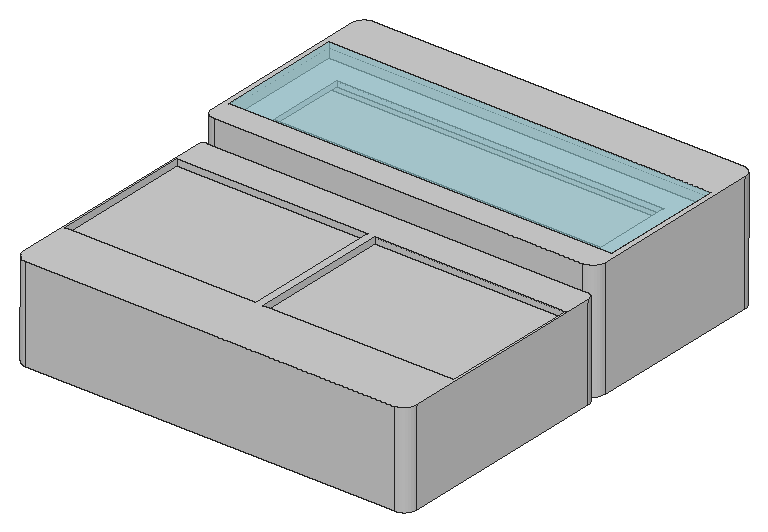
Revit family "Building-IEC309Boards-GEWISS-68QDIN-DISTRIBUTION-BOARD-14MOD_2SOCKET-OUTLETS_IB_ORIZ", category Apparecchi elettrici, host Superficie, Revit 2019
Family settings
  Host = Superficie
  Mantenere orientamento annotazione = Sì
  Quota connettore circolare = Usa diametro
  Tipo di parte = Normale
  Taglio con vuoti quando caricato = No
  Condiviso = No
  Punto di calcolo locali = Sì
Parameters (values of type "GW68006N - Q-DIN 14M.2 FLANGES S.O.BL.HOR.SBF IP65")
  visibilita posizionamento 2d [instance] = yes
  simbolo 2d [instance] = yes
  oggetto in pianta [instance] = not(visibilita posizionamento 2d)  # no
  distanza_simbolo [instance] = 0.1 mm
  bordo acceso [instance] = yes
  Working temperature = "-25 ÷ +40 °C"
  Visibilità sportello [instance] = yes
  Version type = "Empty"
  Version file RFA = "21.5"
  VETRO = Vetro
  URL = "https://www.gewiss.com/ww/en"
  Thermo-pressure with ball = "70 °C"
  Technical sheet = "https://www.gewiss.com/ww/en/search?q=GW68006N"
  Spostamento_effettivo_S [instance] = 4000 mm - Spostamento_S  # 3000 mm
  Spostamento_S = 1000 mm
  Simbolo_quadro [instance] = not(simbolo 2d)  # no
  Shock resistance = "IK08"
  STRUTTURA ALTA = Poche
  STRUTTURA = RAL - 7035
  SEO = "Board"
  Realized by GEWISS S.p.A. = ""
  Default Elevation = 1219.2 mm
  Produttore = "GEWISS S.p.A."
  PRESA = rosso
  POMELLO = bianco
  Operating temperature: = "-25 +40 °C"
  No. of provided blank lids = "1 IB 16/32A"
  No. of modules EN 50022 = "14"
  No. of blank lids supplied = "1 IB 16/32A"
  No. IB socket-outlets houseable = "2 IB Horiz. 16/32A SBF IP44 side by side"
  Modello = "GW68006N"
  Insulation class = "II"
  Installation type = "Surface-mounting"
  Immagine tipo = GW68006N.jpg
  IP degree = "IP65"
  IDT = "025e6d85-348f-4064-8737-2dc7c756130e"
  IDF = "f4e0af6f-28e3-4579-84bf-f9a4547446fa"
  Houseable socket = "2 IB Horiz. 16/32A SBF IP44 side by side"
  Houseable interloc. socket. = "2 IB Horiz. 16/32A SBF IP44 side by side"
  Glow Wire Test = "650°C"
  Electrocod = "2242"
  EAN code = "8011564744776"
  Dispersible power B (W) = "64"
  Dispersible power A (W) = "24"
  Descrizione = "Q-DIN 14M.2 FLANGES S.O.BL.HOR.SBF IP65"
  Colour = "Grey RAL 7035"
  Catalogue Range = "68 QDIN"
  Catalogue = "BUILDING"
  COBie.Tagnumber = ""
  COBie.CreatedOn = ""
  COBie.CreatebBy = ""
  COBie.ComponentRegisterItemID = ""
  COBie.Component.TagNumber = ""
  COBie.Component.Space = ""
  COBie.Component.SerialNumber = ""
  COBie.Component.InstallationDate = ""
  COBie.Component.Description = ""
  COBie.Component.BarCode = ""
  Accordance with Standards = "EN 60208 - EN 60670-1 - IEC 60670-24"
Reference planes
  plane 1 "Centro (Fronte/Retro)": y = 0
  plane 2: z = 0
  plane 3 "Centro (Sinistra/Destra)": x = 0
  plane 4: x = -3000
  plane 5: x = 0
Forms (mm)
  Extrusion 1, solid, material "RAL - 7035" <- "STRUTTURA", detail levels coarse
    sketch origin (0, 0, 0) x (0, 1, 0) y (0, 0, 1)
      loop
        line (0, 96) -> (0, 0) -> (354, 0) -> (354, 96) -> (0, 96)
    from -160 to 160
Lines and regions (mm)
  Masking region 1, visible <- "visibilita posizionamento 2d"
    outline origin (0, 0, 0) x (1, 0, 0) y (0, 0, 1)
      loop
        line (-160, 0) -> (160, 0) -> (160, 96) -> (-160, 96) -> (-160, 0)
Dimensions and locks
  plane 4 to plane 3 "Centro (Sinistra/Destra)" = 3000 mm
  "Spostamento_effettivo_S": plane 4 to plane 5
  aligned and locked: plane 2 to host face
  aligned and locked: level to host face
  aligned and locked: nested 1 to plane 5
  aligned and locked: nested 3 to plane 5
  aligned and locked: Extrusion 1 sketch curve to nested 2
  aligned and locked: nested 2 to plane 5
  aligned and locked: plane 1 "Centro (Fronte/Retro)" to nested 2
  aligned and locked: Extrusion 1 to nested 2  (x2)
  aligned and locked: nested 2 to Extrusion 1
  aligned and locked: Masking region 1 to Extrusion 1  (x2)
Automatic sketch dimensions
  host sketch curve to host sketch curve = 2438.4 mm  (x2)
  Extrusion 1 sketch curve to level = 0 mm
  Extrusion 1 sketch curve to plane 1 "Centro (Fronte/Retro)" = 0 mm
  Extrusion 1 sketch curve to plane 1 "Centro (Fronte/Retro)" = 354 mm
  Masking region 1 sketch curve to level = 0 mm
  Masking region 1 sketch curve to plane 3 "Centro (Sinistra/Destra)" = 160 mm
  plane 3 "Centro (Sinistra/Destra)" to Masking region 1 sketch curve = 160 mm
  Masking region 1 sketch curve to Masking region 1 sketch curve = 96 mm
Nested families
  nested 1: "CENTRALINO" at (0, 737.795, 0), BORDO ACCESO <- "bordo acceso", SIMBOLO ACCESO <- "simbolo 2d", Distanza dal muro <- "distanza_simbolo", visible <- "simbolo 2d", type "CENTRALINO"
    with SIMBOLO ACCESO yes, Distanza dal muro 0.1 mm, BORDO ACCESO yes
  nested 2: "baseee_68QDIN14 QUADRO DISTRIBUZ X 2 PRESE IND ORIZ" at (0, 192, 0), Visibilita sportello <- "Visibilità sportello", type "baseee_68QDIN14 QUADRO DISTRIBUZ X 2 PRESE IND ORIZ", detail levels medium+fine
  nested 3: "simb_CENTRALINO_BASE_cad pro" at (0, 737.795, 0), Distanza dal muro <- "distanza_simbolo", visible <- "Simbolo_quadro", SIMBOLO ACCESO <- "Simbolo_quadro", type "simb_CENTRALINO_BASE_cad pro"
    with SIMBOLO ACCESO no, Distanza dal muro 0.1 mm, BORDO ACCESO yes
Definition of nested family "baseee_68QDIN14 QUADRO DISTRIBUZ X 2 PRESE IND ORIZ"
  Parameters (values of type "baseee_68QDIN14 QUADRO DISTRIBUZ X 2 PRESE IND ORIZ")
    n_moduli = 105 mm
    h_moduli = 64 mm
    Visibilita sportello [instance] = yes
    Vetro = none
    Struttura = none
    Spessore = 96 mm
    Default Elevation = 14 mm
    Presa = none
    Larghezza = 320 mm
    IFC.TypeObject = ""
    IFC.ExportType = ""
    IFC.ExportAs = ""
    H_da terra = 589.057 mm
    COBie.CreatedOn = ""
    COBie.CreatebBy = ""
    COBie.ComponentRegisterItemID = ""
    COBie.Component.TagNumber = ""
    COBie.Component.Space = ""
    COBie.Component.SerialNumber = ""
    COBie.Component.InstallationDate = ""
    COBie.Component.Description = ""
    COBie.Component.BarCode = ""
    Altezza scatole = 350 mm
    Altezza quadro = 150 mm
    Altezza = 258 mm
  Reference planes
    plane 1 "Centro (Fronte/Retro)": y = 0
    plane 2: z = 0
    plane 3 "Centro (Sinistra/Destra)": x = 0
    plane 4: z = 62.089
    plane 5: z = 103.126
    plane 6: z = 76.196
    plane 7: x = -160
    plane 8: x = 160
    plane 9: x = -156
    plane 10: x = 156
    plane 11: y = 123.21
    plane 12: y = 21.246
    plane 13: y = 0
    plane 14: y = -242.621
    plane 15: y = -28
    plane 16: y = -192
    plane 17: y = 162
    plane 18: z = 71.196
    plane 19: y = 103
    plane 20: y = 39
    plane 21: x = -52.5
    plane 22: x = 52.5
    plane 23: z = 92.059
    plane 24: z = 96
    plane 25 "posizionamento moduli": z = 84.734
    plane 26: z = 80.558
    plane 27: y = 71
    plane 28: x = -158.2
    plane 29: x = 158.1
    plane 30: x = -3.2
    plane 31 "14": x = 3
    plane 32: y = -142
  Forms (mm)
    Extrusion 1, solid, material <- "Struttura"
      sketch origin (0, -857.311, 0) x (1, 0, 0) y (0, 1, 0)
        loop
          arc (-150, 1019.311) -> (-157.071, 1016.382) -> (-160, 1009.311) r 10
          line (-160, 1009.311) -> (-160, 867.311)
          arc (-160, 867.311) -> (-157.071, 860.24) -> (-150, 857.311) r 10
          line (-150, 857.311) -> (150, 857.311)
          arc (150, 857.311) -> (157.071, 860.24) -> (160, 867.311) r 10
          line (160, 867.311) -> (160, 1009.311)
          arc (160, 1009.311) -> (157.071, 1016.382) -> (150, 1019.311) r 10
          line (150, 1019.311) -> (-150, 1019.311)
      from 0 to 96
    Extrusion 2, solid, material <- "Struttura"
      sketch origin (0, -857.311, 0) x (1, 0, 0) y (0, 1, 0)
        loop
          line (152.45, 857.311) -> (-156.38, 857.311)
          arc (-156.38, 857.311) -> (-158.94, 856.251) -> (-160, 853.691) r 3.62
          line (-160, 853.691) -> (-160, 675.311)
          arc (-160, 675.311) -> (-157.071, 668.24) -> (-150, 665.311) r 10
          line (-150, 665.311) -> (150, 665.311)
          arc (150, 665.311) -> (157.071, 668.24) -> (160, 675.311) r 10
          line (160, 675.311) -> (160, 849.76)
          arc (160, 849.76) -> (157.789, 855.099) -> (152.45, 857.311) r 7.55
      from 0 to 76.196
    Extrusion 3, void
      sketch origin (0, -857.311, 0) x (1, 0, 0) y (0, 1, 0)
        loop
          line (-156, 980.52) -> (-156, 878.557) -> (156, 878.557) -> (156, 980.52) -> (-156, 980.52)
      from 62.089 to 96
    Extrusion 4, solid, material <- "Vetro", visible <- "Visibilita sportello", detail levels fine
      sketch origin (0, -857.311, 0) x (1, 0, 0) y (0, 1, 0)
        loop
          line (-156, 980.52) -> (-156, 878.557) -> (156, 878.557) -> (156, 980.52) -> (-156, 980.52)
      from 92.059 to 96
    Extrusion 5, void
      sketch origin (0, -857.311, 0) x (1, 0, 0) y (0, 1, 0)
        loop
          line (-158.2, 829.311) -> (-158.2, 715.311) -> (-3.2, 715.311) -> (-3.2, 829.311) -> (-158.2, 829.311)
      from 71.196 to 76.196
    Extrusion 6, void
      sketch origin (0, 0, 0) x (1, 0, 0) y (0, 1, 0)
        loop
          line (-52.5, 39) -> (52.5, 39) -> (52.5, 103) -> (-52.5, 103) -> (-52.5, 39)
      from 80.558 to 84.734
    Extrusion 7, solid
      sketch origin (0, 0, 0) x (1, 0, 0) y (0, 1, 0)
        loop
          line (-156, 123.21) -> (-156, 21.246) -> (156, 21.246) -> (156, 123.21) -> (-156, 123.21)
      from 80.558 to 84.734
    Extrusion 8, void
      sketch origin (0, -857.311, 0) x (-1, 0, 0) y (0, -1, 0)
        loop
          line (-158.1, -829.311) -> (-3, -829.311) -> (-3, -715.311) -> (-158.1, -715.311) -> (-158.1, -829.311)
      from 71.196 to 76.196
  Cuts and joins
    Extrusion 3 cuts Extrusion 1
    Extrusion 5, Extrusion 8 cuts Extrusion 2
    Extrusion 6 cuts Extrusion 7
    Extrusion 6 cuts Extrusion 4
  Lines and regions (mm)
    model lines
      curve 1: line (-52.5, 71, 84.734) -> (52.5, 71, 84.734)
  Dimensions and locks
    locked: plane 4 to plane 5 at 41.036
    locked: plane 7 to plane 9 at 4
    locked: plane 10 to plane 8 at 4
    equal spacing: plane 7, plane 3 "Centro (Sinistra/Destra)", plane 8
    "Larghezza": plane 7 to plane 8
    plane 13 to plane 15 = 28 mm
    plane 1 "Centro (Fronte/Retro)" to plane 17 = 162 mm
    plane 16 to plane 13 = 192 mm
    plane 12 to plane 1 "Centro (Fronte/Retro)" = 21.246 mm
    plane 11 to plane 17 = 38.79 mm
    locked: plane 6 to plane 18 at 5
    locked: plane 17 to plane 19 at 59
    "h_moduli": plane 19 to plane 20
    equal spacing: plane 21, plane 3 "Centro (Sinistra/Destra)", plane 22
    "n_moduli": plane 21 to plane 22
    locked: plane 24 to plane 23 at 3.941
    plane 6 to plane 2 = 76.196 mm
    locked: plane 23 to plane 25 "posizionamento moduli" at 7.325
    locked: plane 25 "posizionamento moduli" to plane 26 at 4.176
    equal spacing: plane 19, plane 27, plane 20
    plane 15 to plane 32 = 114 mm
    locked: plane 29 to plane 8 at 1.9
    locked: plane 30 to plane 3 "Centro (Sinistra/Destra)" at 3.2
    locked: plane 3 "Centro (Sinistra/Destra)" to plane 31 "14" at 3
    plane 28 to plane 30 = 155 mm
    locked: plane 7 to plane 28 at 1.8
    radius of Extrusion 2 sketch curve = 10 mm  (x2)
    radius of Extrusion 2 sketch curve = 3.62 mm
    radius of Extrusion 2 sketch curve = 7.55 mm
    radius of Extrusion 1 sketch curve = 10 mm  (x4)
    aligned and locked: level to plane 2
    aligned and locked: cut or joined group of Extrusion 1, Extrusion 3 to plane 4  (x2)
    aligned and locked: Extrusion 2 to plane 6
    aligned and locked: plane 7 to Extrusion 2 sketch curve
    aligned and locked: plane 8 to Extrusion 2 sketch curve
    aligned and locked: plane 8 to Extrusion 1 sketch curve
    aligned and locked: plane 7 to Extrusion 1 sketch curve
    aligned and locked: Extrusion 4 sketch curve to plane 9
    aligned and locked: Extrusion 4 sketch curve to plane 10
    aligned and locked: Extrusion 3 sketch curve to plane 9
    aligned and locked: Extrusion 3 sketch curve to plane 10
    aligned and locked: Extrusion 4 sketch curve to plane 11
    aligned and locked: Extrusion 4 sketch curve to plane 12
    aligned and locked: Extrusion 3 sketch curve to plane 11
    aligned and locked: Extrusion 3 sketch curve to plane 12
    aligned and locked: plane 13 to Extrusion 1 sketch curve
    aligned and locked: Extrusion 2 sketch curve to plane 13
    aligned and locked: plane 16 to Extrusion 2 sketch curve
    aligned and locked: plane 15 to Extrusion 5
    aligned and locked: plane 1 "Centro (Fronte/Retro)" to plane 13
    aligned and locked: plane 17 to Extrusion 1 sketch curve
    aligned and locked: Extrusion 5 to plane 18
    aligned and locked: Extrusion 5 to plane 6
    aligned and locked: Extrusion 6 sketch curve to plane 21
    aligned and locked: Extrusion 6 sketch curve to plane 19
    aligned and locked: Extrusion 6 sketch curve to plane 20
    aligned and locked: Extrusion 6 sketch curve to plane 22
    aligned and locked: plane 24 to cut or joined group of Extrusion 1, Extrusion 3
    aligned and locked: plane 25 "posizionamento moduli" to Extrusion 6
    aligned and locked: Extrusion 6 to plane 26
    aligned and locked: Extrusion 7 sketch curve to plane 11
    aligned and locked: Extrusion 7 sketch curve to plane 12
    aligned and locked: Extrusion 7 to plane 26
    aligned and locked: plane 25 "posizionamento moduli" to Extrusion 7
    aligned and locked: Extrusion 7 sketch curve to Extrusion 4  (x2)
    aligned and locked: plane 27 to curve 1
    aligned and locked: Extrusion 5 sketch curve to plane 28
    aligned and locked: Extrusion 5 sketch curve to plane 30
    aligned and locked: Extrusion 8 sketch curve to plane 29
    aligned and locked: Extrusion 8 sketch curve to plane 31 "14"
    aligned and locked: Extrusion 8 sketch curve to plane 15
    aligned and locked: plane 32 to Extrusion 8 sketch curve
    aligned and locked: Extrusion 5 sketch curve to plane 32
  Automatic sketch dimensions
    Extrusion 5 sketch curve to plane 15 = 0 mm
    curve 1 to plane 21 = 0 mm
    curve 1 to plane 22 = 0 mm
Definition of nested family "CENTRALINO"
  Parameters (values of type "CENTRALINO")
    SIMBOLO ACCESO [instance] = yes
    Distanza dal muro [instance] = 0 mm
    BORDO ACCESO [instance] = yes
  Reference planes
    plane 1: y = 0
    plane 2: x = 0
  Dimensions and locks
    "Distanza dal muro": plane 1 to nested 1
    aligned and locked: plane 2 to nested 1
  Nested families
    nested 1: "CENTRALINO_BASE" at (0, 0, 0), BORDO ACCESO <- "BORDO ACCESO", visible <- "SIMBOLO ACCESO", type "CENTRALINO"
      with BORDO ACCESO yes
  Definition of nested family "CENTRALINO_BASE"
    Parameters (values of type "CENTRALINO")
      Distanza dal muro = 0 mm
      BORDO ACCESO [instance] = yes
    Reference planes
      plane 1: y = 0
      plane 2: x = 0
    Lines and regions (mm)
      detail lines, visible <- "BORDO ACCESO", not visible
        curve 1: line (-2.443, 10.208, 0) -> (2.057, 10.208, 0)
        curve 2: line (2.057, 10.208, 0) -> (2.057, 4.208, 0)
        curve 3: line (2.057, 4.208, 0) -> (-2.443, 4.208, 0)
        curve 4: line (-2.443, 4.208, 0) -> (-2.443, 10.208, 0)
        curve 5: line (-2.043, 9.808, 0) -> (1.657, 9.808, 0)
        curve 6: line (1.657, 9.808, 0) -> (1.657, 4.608, 0)
        curve 7: line (1.657, 4.608, 0) -> (-2.043, 4.608, 0)
        curve 8: line (-2.043, 4.608, 0) -> (-2.043, 9.808, 0)
      detail lines
        curve 9: line (0, 0.671, 0) -> (0, 0, 0)
        curve 10: line (0.659, 0.671, 0) -> (0.659, 1.33, 0)
        curve 11: line (0.659, 1.33, 0) -> (-0.659, 1.33, 0)
        curve 12: line (-0.659, 1.33, 0) -> (-0.659, 0.671, 0)
        curve 13: line (-0.659, 0.671, 0) -> (0.659, 0.671, 0)
        curve 14: line (0.497, 1.33, 0) -> (0.497, 2, 0)
        curve 15: line (0.167, 1.33, 0) -> (0.167, 2, 0)
        curve 16: line (-0.162, 1.33, 0) -> (-0.162, 2, 0)
        curve 17: line (-0.491, 1.33, 0) -> (-0.491, 2, 0)
Definition of nested family "simb_CENTRALINO_BASE_cad pro"
  Parameters (values of type "simb_CENTRALINO_BASE_cad pro")
    SIMBOLO ACCESO [instance] = yes
    Distanza dal muro [instance] = 0 mm
    BORDO ACCESO [instance] = yes
  Reference planes
    plane 1: y = 0
    plane 2: x = 0
  Dimensions and locks
    "Distanza dal muro": plane 1 to nested 1
    aligned and locked: plane 2 to nested 1
  Nested families
    nested 1: "CENTRALINO_BASE_cad pro" at (0, 0, 0), type "CENTRALINO"
  Definition of nested family "CENTRALINO_BASE_cad pro"
    Parameters (values of type "CENTRALINO")
      Distanza dal muro = 0 mm
    Reference planes
      plane 1: y = 0
      plane 2: x = 0
    Lines and regions (mm)
      detail lines
        curve 1: line (1.33, 1.33, 0) -> (2.109, 1.33, 0)
        curve 2: line (2.109, 1.33, 0) -> (2.109, 0, 0)
        curve 3: line (2.109, 0, 0) -> (1.33, 0, 0)
        curve 4: line (1.33, 0, 0) -> (-1.33, 1.33, 0)
        curve 5: line (-1.33, 1.33, 0) -> (1.33, 1.33, 0)
        curve 6: line (1.33, 1.33, 0) -> (1.33, 0, 0)
        curve 7: line (1.33, 0, 0) -> (-1.33, 0, 0)
        curve 8: line (-1.33, 0, 0) -> (-1.33, 1.33, 0)
        curve 9: line (1.461, 0.665, 0) -> (1.977, 0.665, 0)
        curve 10: line (1.719, 0.665, 0) -> (1.719, 1.01, 0)
        curve 11: arc (1.977, 0.406, 0) -> (1.719, 0.665, 0) -> (1.461, 0.406, 0) r 0.258
